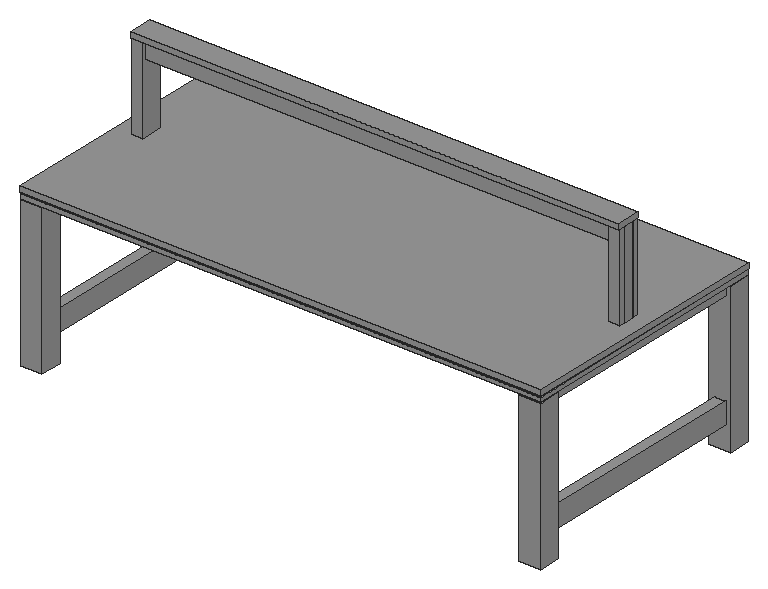
Revit family "GD10 1600-2400  x 742 High Tables with Light Bar", category Furniture, Revit 2019
Family settings
  OmniClass Number = 23.40.20.00
  OmniClass Title = General Furniture and Specialties
  Work Plane-Based = No
  Always vertical = Yes
  Cut with Voids When Loaded = No
  Shared = No
  Room Calculation Point = No
Parameters (values of type "2400 x 1200 x 742")
  Width = 2400 mm
  URL = "www.gof.co.uk"
  Table Top = Gresham - SOLID OAK
  Range = "GD10"
  Rails Control [instance] = if(Depth < 1200 mm, 300 mm, (if(Depth > 900 mm, 340 mm, Depth)))  # 340 mm
  Product Code = "GD10B5L"
  Manufacturer = "Gresham Office Furniture"  # constant formula
  Height = 742 mm
  Frame = Gresham - SOLID OAK
  Depth = 1200 mm
  Cross Rails Control [instance] = if(Width < 1999 mm, 575 mm, (if(Width = 2000 mm, 775 mm, (if(Width = 2200 mm, 1175 mm, (if(Width = 2400 mm, 1575 mm, 1575 mm)))))))  # 1575 mm
  Central Cross Rail = yes
  Assembly Code = "E2020200"
  1100 High Bottom Rail = no
Types (11, lengths in mm): name | Width | Rails Control | Product Code | Depth | Cross Rails Control | Central Cross Rail
  (no name) | 2400 | 340 | "GD10B5L" | 1200 | 1575 | yes
  1600 x 900 x 742 | 1600 | 300 | "GD10A1L" | 900 | 575 | no
  1800 x 900 x 742 | 1800 | 300 | "GD10A2L" | 900 | 575 | no
  2000 x 900 x 742 | 2000 | 300 | "GD10A3L" | 900 | 775 | no
  2200 x 900 x 742 | 2200 | 300 | "GD10A4L" | 900 | 1175 | yes
  2400 x 900 x 742 | 2400 | 300 | "GD10A5L" | 900 | 1575 | yes
  1600 x 1200 x 742 | 1600 | 340 | "GD10B1L" | 1200 | 575 | no
  1800 x 1200 x 742 | 1800 | 340 | "GD10B2L" | 1200 | 575 | no
  2000 x 1200 x 742 | 2000 | 340 | "GD10B3L" | 1200 | 775 | no
  2200 x 1200 x 742 | 2200 | 340 | "GD10B4L" | 1200 | 1175 | yes
  2400 x 1200 x 742 | 2400 | 340 | "GD10B5L" | 1200 | 1575 | yes
Reference planes
  plane 1 "Center (Front/Back)": y = 0
  plane 2: z = 0
  plane 3 "Center (Left/Right)": x = 0
  plane 4: x = 1200
  plane 5: x = -1200
  plane 6: y = 600
  plane 7: y = -600
  plane 8 "Table Underside": z = 717
  plane 9 "Height": z = 742
Forms (mm)
  Extrusion 1, solid, material "Gresham - SOLID OAK" <- "Table Top"
    sketch origin (0, 0, 717) x (-1, 0, 0) y (0, -1, 0)
      loop
        line (-1200, -600) -> (1200, -600) -> (1200, 600) -> (-1200, 600) -> (-1200, -600)
    from 0 to 25
  Extrusion 2, solid, material "Gresham - SOLID OAK" <- "Frame"
    sketch origin (-377.446, 134.939, -0.834) x (0, 1, 0) y (0, 0, 1)
      loop
        line (75.061, 717.834) -> (75.061, 642.834) -> (125.061, 642.834) -> (125.061, 717.834) -> (75.061, 717.834)
    from -747.554 to 1502.446
  Extrusion 3, solid, material "Gresham - SOLID OAK" <- "Frame"
    sketch origin (-377.446, -134.939, -0.834) x (0, -1, 0) y (0, 0, -1)
      loop
        line (75.061, -717.834) -> (125.061, -717.834) -> (125.061, -642.834) -> (75.061, -642.834) -> (75.061, -717.834)
    from -747.554 to 1502.446
  Extrusion 4, solid, material "Gresham - SOLID OAK" <- "Frame"
    sketch origin (940, -36.847, 0) x (1, 0, 0) y (0, 1, 0)
      loop
        line (-1752.5, 611.847) -> (-1752.5, -538.153) -> (-1727.5, -538.153) -> (-1727.5, 611.847) -> (-1752.5, 611.847)
    from 692 to 717
  Extrusion 5, solid, material "Gresham - SOLID OAK" <- "Frame"
    sketch origin (711.072, -1.847, 0) x (1, 0, 0) y (0, 1, 0)
      loop
        line (76.428, 576.847) -> (76.428, -573.153) -> (101.428, -573.153) -> (101.428, 576.847) -> (76.428, 576.847)
    from 692 to 717
  Extrusion 6, solid, material "Gresham - SOLID OAK" <- "Frame", visible <- "Central Cross Rail"
    sketch origin (1740, -36.847, 0) x (1, 0, 0) y (0, 1, 0)
      loop
        line (-1752.5, 611.847) -> (-1752.5, -538.153) -> (-1727.5, -538.153) -> (-1727.5, 611.847) -> (-1752.5, 611.847)
    from 692 to 717
  Extrusion 7, solid, material "Gresham - SOLID OAK" <- "Frame"
    sketch origin (0, 0, 0) x (1, 0, 0) y (0, 1, 0)
      loop
        line (1200, 600) -> (-1200, 600) -> (-1200, -600) -> (1200, -600) -> (1200, 600)
      loop
        line (1175, 575) -> (-1175, 575) -> (-1175, -575) -> (1175, -575) -> (1175, 575)
    from 692 to 712
  Extrusion 8, solid, material "Gresham - SOLID OAK" <- "Frame"
    sketch origin (0, 0, 0) x (1, 0, 0) y (0, 1, 0)
      loop
        line (1195, -595) -> (1195, 595) -> (-1195, 595) -> (-1195, -595) -> (1195, -595)
      loop
        line (1175, 575) -> (-1175, 575) -> (-1175, -575) -> (1175, -575) -> (1175, 575)
    from 692 to 717
  Extrusion 9, solid, material "Gresham - SOLID OAK" <- "Frame", visible <- "1100 High Bottom Rail"
    sketch origin (-377.446, -9.939, -0.834) x (0, -1, 0) y (0, 0, -1)
      loop
        line (-34.939, -205.834) -> (15.061, -205.834) -> (15.061, -105.834) -> (-34.939, -105.834) -> (-34.939, -205.834)
    from -747.554 to 1502.446
Dimensions and locks
  equal spacing: plane 5, plane 3 "Center (Left/Right)", plane 4
  "Width": plane 5 to plane 4
  equal spacing: plane 7, plane 1 "Center (Front/Back)", plane 6
  "Depth": plane 7 to plane 6
  "Height": plane 9 "Height" to level
  locked: Extrusion 2 to plane 4 at 75
  locked: plane 5 to Extrusion 2 at 75
  locked: Extrusion 2 to Extrusion 2 at 50
  locked: Extrusion 2 to Extrusion 1 at 75
  locked: Extrusion 3 to Extrusion 3 at 50
  locked: Extrusion 3 to Extrusion 1 at 75
  "Rails Control": Extrusion 2 to plane 6
  "Rails Control": Extrusion 3 to plane 7
  plane 1 "Center (Front/Back)" to Extrusion 2 = 210 mm
  Extrusion 3 to plane 1 "Center (Front/Back)" = 210 mm
  locked: Extrusion 4 to Extrusion 4 at 25  (x2)
  locked: Extrusion 5 to Extrusion 5 at 25  (x2)
  equal spacing: Extrusion 4, plane 3 "Center (Left/Right)", Extrusion 5
  locked: Extrusion 5 to plane 6 at 25
  locked: Extrusion 5 to plane 7 at 25
  "Cross Rails Control": Extrusion 4 to Extrusion 5
  locked: Extrusion 6 to Extrusion 6 at 25  (x2)
  nested 2 to Extrusion 7 = 5 mm
  plane 8 "Table Underside" to Extrusion 7 = 5 mm
  Extrusion 8 to plane 4 = 5 mm
  Extrusion 8 to Extrusion 8 = 20 mm  (x3)
  plane 7 to Extrusion 8 = 5 mm
  plane 5 to Extrusion 8 = 5 mm
  locked: plane 8 "Table Underside" to Extrusion 7 at 5
  locked: plane 9 "Height" to plane 8 "Table Underside" at 25
  locked: Extrusion 7 to Extrusion 7 at 20
  Extrusion 8 to nested 2 = 30 mm
  locked: Extrusion 8 to Extrusion 8 at 25
  locked: Extrusion 9 to Extrusion 9 at 50
  locked: Extrusion 9 to level at 105
  aligned and locked: level to plane 2
  aligned and locked: Extrusion 1 to plane 9 "Height"
  aligned and locked: plane 8 "Table Underside" to Extrusion 1
  aligned and locked: Extrusion 3 to Extrusion 2
  aligned and locked: Extrusion 2 to Extrusion 3
  aligned and locked: Extrusion 4 to Extrusion 1
  aligned and locked: Extrusion 5 to Extrusion 4
  aligned and locked: Extrusion 4 to Extrusion 5
  aligned and locked: nested 2 to plane 8 "Table Underside"  (x2)
  aligned and locked: plane 8 "Table Underside" to Extrusion 8
  aligned and locked: plane 8 "Table Underside" to Extrusion 5
  aligned and locked: Extrusion 2 to Extrusion 9
  aligned and locked: Extrusion 9 to Extrusion 2
  aligned and locked: plane 8 "Table Underside" to Extrusion 6
  aligned and locked: plane 8 "Table Underside" to nested 1
Automatic sketch dimensions
  Extrusion 1 sketch curve to plane 4 = 0 mm
  Extrusion 1 sketch curve to plane 5 = 0 mm
  plane 6 to Extrusion 1 sketch curve = 0 mm
  Extrusion 1 sketch curve to plane 7 = 0 mm
  Extrusion 2 sketch curve to plane 8 "Table Underside" = 0 mm
  Extrusion 2 sketch curve to plane 1 "Center (Front/Back)" = 210 mm
  Extrusion 2 sketch curve to Extrusion 2 sketch curve = 50 mm
  Extrusion 2 sketch curve to Extrusion 2 sketch curve = 75 mm
  Extrusion 3 sketch curve to plane 8 "Table Underside" = 0 mm
  plane 1 "Center (Front/Back)" to Extrusion 3 sketch curve = 210 mm
  Extrusion 3 sketch curve to Extrusion 3 sketch curve = 50 mm
  Extrusion 3 sketch curve to Extrusion 3 sketch curve = 75 mm
  plane 7 to Extrusion 4 sketch curve = 25 mm
  Extrusion 4 sketch curve to plane 3 "Center (Left/Right)" = 812.5 mm
  Extrusion 4 sketch curve to Extrusion 4 sketch curve = 25 mm
  plane 6 to Extrusion 4 sketch curve = 25 mm
  plane 7 to Extrusion 5 sketch curve = 25 mm
  plane 3 "Center (Left/Right)" to Extrusion 5 sketch curve = 787.5 mm
  Extrusion 5 sketch curve to Extrusion 5 sketch curve = 25 mm
  plane 6 to Extrusion 5 sketch curve = 25 mm
  Extrusion 6 sketch curve to plane 3 "Center (Left/Right)" = 12.5 mm
  plane 3 "Center (Left/Right)" to Extrusion 6 sketch curve = 12.5 mm
  plane 7 to Extrusion 6 sketch curve = 25 mm
  plane 6 to Extrusion 6 sketch curve = 25 mm
  Extrusion 7 sketch curve to plane 5 = 0 mm
  Extrusion 7 sketch curve to plane 4 = 0 mm
  Extrusion 7 sketch curve to plane 7 = 0 mm
  plane 6 to Extrusion 7 sketch curve = 0 mm
  plane 5 to Extrusion 7 sketch curve = 25 mm
  Extrusion 7 sketch curve to plane 4 = 25 mm
  plane 7 to Extrusion 7 sketch curve = 25 mm
  plane 6 to Extrusion 7 sketch curve = 25 mm
  plane 5 to Extrusion 8 sketch curve = 5 mm
  plane 5 to Extrusion 8 sketch curve = 25 mm
  Extrusion 8 sketch curve to plane 4 = 25 mm
  Extrusion 8 sketch curve to plane 4 = 5 mm
  plane 7 to Extrusion 8 sketch curve = 5 mm
  plane 7 to Extrusion 8 sketch curve = 25 mm
  plane 6 to Extrusion 8 sketch curve = 25 mm
  plane 6 to Extrusion 8 sketch curve = 5 mm
  Extrusion 9 sketch curve to plane 8 "Table Underside" = 512 mm
  Extrusion 9 sketch curve to plane 1 "Center (Front/Back)" = 25 mm
  plane 1 "Center (Front/Back)" to Extrusion 9 sketch curve = 25 mm
  Extrusion 9 sketch curve to Extrusion 9 sketch curve = 100 mm
Nested families
  nested 1: "GD10 Legs" at (0, 0, 0), type "GD10 Legs"
    with Width 2400 mm, Height 742 mm, Depth 1200 mm
  nested 2: "GD10 Legs" at (0, 0, 0) x (-1, 0, 0) z (0, 0, 1), type "GD10 Legs"
    with Width 2400 mm, Height 742 mm, Depth 1200 mm
  nested 3: "GD10 1600-2400 Light" at (0, 0, 0), type "GD10-LIGHT"
Definition of nested family "GD10 Legs"
  Parameters (values of type "GD10 Legs")
    Width = 1600 mm
    URL = "www.gof.co.uk"
    Table Top = none
    Range = "GD10"
    Product Code = ""
    Metal Plate = none
    Manufacturer = "Gresham Office Furniture"  # constant formula
    Height = 1000 mm
    Frame = none
    Depth = 900 mm
    Assembly Code = "E2020200"
  Reference planes
    plane 1 "Center (Front/Back)": y = 0
    plane 2: z = 0
    plane 3 "Center (Left/Right)": x = 0
    plane 4: x = 800
    plane 5: x = -800
    plane 6: y = 450
    plane 7: y = -450
    plane 8 "Table Underside": z = 975
    plane 9 "Height": z = 1000
    plane 10: z = 945
  Forms (mm)
    Extrusion 1, solid, material <- "Frame"
      sketch origin (0, -5, 0) x (1, 0, 0) y (0, 1, 0)
        loop
          line (800, 455) -> (700, 455) -> (700, 355) -> (800, 355) -> (800, 455)
      from 0 to 945
    Extrusion 2, solid, material <- "Frame"
      sketch origin (0, -2.338, 945) x (1, 0, 0) y (0, 1, 0)
        loop
          line (700, 352.338) -> (795, 352.338) -> (795, 447.338) -> (700, 447.338) -> (700, 352.338)
      from 0 to 5
    Extrusion 3, solid, material <- "Frame"
      sketch origin (0, -2.338, 950) x (1, 0, 0) y (0, 1, 0)
        loop
          line (700, 352.338) -> (775, 352.338) -> (775, 427.338) -> (700, 427.338) -> (700, 352.338)
      from 0 to 19
    Extrusion 4, solid, material <- "Frame"
      sketch origin (0, 5, 0) x (1, 0, 0) y (0, 1, 0)
        loop
          line (800, -455) -> (800, -355) -> (700, -355) -> (700, -455) -> (800, -455)
      from 0 to 945
    Extrusion 5, solid, material <- "Frame"
      sketch origin (0, 2.338, 945) x (1, 0, 0) y (0, 1, 0)
        loop
          line (700, -352.338) -> (700, -447.338) -> (795, -447.338) -> (795, -352.338) -> (700, -352.338)
      from 0 to 5
    Extrusion 6, solid, material <- "Frame"
      sketch origin (0, 2.338, 950) x (1, 0, 0) y (0, 1, 0)
        loop
          line (700, -352.338) -> (700, -427.338) -> (775, -427.338) -> (775, -352.338) -> (700, -352.338)
      from 0 to 19
    Extrusion 7, solid, material <- "Metal Plate"
      sketch origin (-45, 2.338, 969) x (1, 0, 0) y (0, 1, 0)
        loop
          line (700, -307.182) -> (700, -427.338) -> (820, -427.338) -> (820, -307.182) -> (700, -307.182)
      from 0 to 6
    Extrusion 8, solid, material <- "Frame"
      sketch origin (825, 350, 105) x (0, 0, 1) y (0, -1, 0)
        loop
          line (0, 0) -> (100, 0) -> (100, 700) -> (0, 700) -> (0, 0)
        loop
          line (795, 0) -> (864, 0) -> (864, 45.156) -> (870, 45.156) -> (870, 654.844) -> (864, 654.844) -> (864, 700) -> (795, 700) -> (795, 0)
      from -100 to -50
    Extrusion 9, solid, material <- "Metal Plate"
      sketch origin (0, 0, 0) x (1, 0, 0) y (0, 1, 0)
        loop
          line (775, 425) -> (655, 425) -> (655, 304.844) -> (775, 304.844) -> (775, 425)
      from 969 to 975
  Cuts and joins
    joined: Extrusion 1, Extrusion 2
  Dimensions and locks
    equal spacing: plane 5, plane 3 "Center (Left/Right)", plane 4
    "Width": plane 5 to plane 4
    equal spacing: plane 7, plane 1 "Center (Front/Back)", plane 6
    "Depth": plane 7 to plane 6
    "Height": plane 9 "Height" to level
    cut or joined group of Extrusion 1, Extrusion 2 to cut or joined group of Extrusion 1, Extrusion 2 = 100 mm  (x2)
    Extrusion 4 to Extrusion 4 = 100 mm  (x2)
    plane 9 "Height" to plane 8 "Table Underside" to plane 10 = 25 mm locked, 30 mm locked
    locked: Extrusion 8 to plane 4 at 25
    locked: Extrusion 8 to Extrusion 8 at 50
    locked: Extrusion 9 to Extrusion 9 at 6
    locked: Extrusion 7 to Extrusion 7 at 6
    locked: Extrusion 8 to level at 105
    aligned and locked: level to plane 2
    aligned and locked: plane 8 "Table Underside" to Extrusion 8
    aligned and locked: cut or joined group of Extrusion 1, Extrusion 2 to Extrusion 4
    aligned and locked: Extrusion 4 to plane 10
    aligned and locked: Extrusion 9 to Extrusion 3
  Automatic sketch dimensions
    plane 6 to Extrusion 1 sketch curve = 0 mm
    Extrusion 1 sketch curve to plane 4 = 0 mm
    Extrusion 1 sketch curve to plane 4 = 100 mm
    Extrusion 1 sketch curve to Extrusion 1 sketch curve = 100 mm
    Extrusion 2 sketch curve to Extrusion 1 = 0 mm
    Extrusion 1 to Extrusion 2 sketch curve = 0 mm
    Extrusion 2 sketch curve to Extrusion 1 = 5 mm  (x2)
    Extrusion 3 sketch curve to Extrusion 2 = 0 mm
    Extrusion 2 to Extrusion 3 sketch curve = 0 mm
    Extrusion 3 sketch curve to Extrusion 2 = 20 mm  (x2)
    Extrusion 4 sketch curve to plane 7 = 0 mm
    Extrusion 4 sketch curve to plane 4 = 0 mm
    plane 4 to Extrusion 4 sketch curve = 100 mm
    Extrusion 4 sketch curve to Extrusion 4 sketch curve = 100 mm
    Extrusion 5 sketch curve to Extrusion 4 = 0 mm  (x2)
    Extrusion 4 to Extrusion 5 sketch curve = 5 mm  (x2)
    Extrusion 6 sketch curve to Extrusion 5 = 0 mm  (x2)
    Extrusion 5 to Extrusion 6 sketch curve = 20 mm  (x2)
    Extrusion 8 sketch curve to plane 8 "Table Underside" = 0 mm
    Extrusion 8 sketch curve to plane 8 "Table Underside" = 6 mm  (x2)
    plane 10 to Extrusion 8 sketch curve = 45 mm
    plane 6 to Extrusion 8 sketch curve = 100 mm  (x2)
    level to Extrusion 8 sketch curve = 205 mm
    Extrusion 8 sketch curve to Extrusion 8 sketch curve = 100 mm
    Extrusion 8 sketch curve to Extrusion 8 sketch curve = 45.156 mm  (x2)
    plane 7 to Extrusion 8 sketch curve = 145.156 mm
    plane 7 to Extrusion 8 sketch curve = 100 mm
    Extrusion 7 sketch curve to Extrusion 6 = 0 mm  (x2)
    Extrusion 7 sketch curve to Extrusion 6 = 45 mm
    Extrusion 7 sketch curve to Extrusion 6 = 45.156 mm
    plane 6 to Extrusion 9 sketch curve = 25 mm
    Extrusion 9 sketch curve to plane 4 = 145 mm
    Extrusion 9 sketch curve to plane 4 = 25 mm
    Extrusion 9 sketch curve to Extrusion 9 sketch curve = 120.156 mm
Definition of nested family "GD10 1600-2400 Light"
  Parameters (values of type "2400")
    Width = 2400 mm
    URL = "www.gof.co.uk"
    Range = "GD10"
    Product Code = "GD10A5L"
    Manufacturer = "Gresham Office Furniture"  # constant formula
    Light = none
    Height = 742 mm
    Frame = none
    Depth = 900 mm
    Assembly Code = "E2020200"
  Types (6, lengths in mm): name | Width | Product Code
    (no name) | 2400 | "GD10A5L"
    2000 | 2000 | "GD10A3L"
    2400 | 2400 | "GD10A5L"
    1600 | 1600 | "GD10A1L"
    1800 | 1800 | "GD10A2L"
    2200 | 2200 | "GD10A4L"
  Reference planes
    plane 1 "Center (Front/Back)": y = 0
    plane 2: z = 0
    plane 3 "Center (Left/Right)": x = 0
    plane 4: x = 1200
    plane 5: x = -1200
    plane 6: y = 450
    plane 7: y = -450
    plane 8 "Table Underside": z = 717
    plane 9 "Height": z = 742
    plane 10 "Shelf Height": z = 1167
    plane 11: z = 1142
  Forms (mm)
    Extrusion 1, solid, material <- "Frame"
      sketch origin (1921.939, -1524, 742) x (0, -1, 0) y (-1, 0, 0)
        loop
          line (-1474, 3046.939) -> (-1500.992, 3046.939) -> (-1500.992, 3048.248)
          arc (-1500.992, 3048.248) -> (-1501.388, 3049.305) -> (-1502.382, 3049.841) r 1.607
          line (-1502.382, 3049.841) -> (-1545.618, 3049.841)
          arc (-1545.618, 3049.841) -> (-1546.612, 3049.305) -> (-1547.008, 3048.248) r 1.607
          line (-1547.008, 3048.248) -> (-1547.008, 3046.939) -> (-1574, 3046.939) -> (-1574, 2996.939) -> (-1474, 2996.939) -> (-1474, 3046.939)
      from 0 to -400
    Extrusion 2, solid, material <- "Frame"
      sketch origin (0, 0, 0) x (0, 1, 0) y (0, 0, 1)
        loop
          line (55, 1167) -> (-55, 1167) -> (-55, 1142) -> (55, 1142) -> (55, 1167)
      from -1127.902 to 1127.902
    Extrusion 3, solid, material <- "Frame"
      sketch origin (0, 0, -115) x (0, 1, 0) y (0, 0, 1)
        loop
          line (-37.5, 1257) -> (-37.5, 1182) -> (-27.5, 1182) -> (-27.5, 1207) -> (27.5, 1207) -> (27.5, 1182) -> (37.5, 1182) -> (37.5, 1257) -> (-37.5, 1257)
      from -1075 to 1075
    Extrusion 4, solid, material <- "Light"
      sketch origin (0, 0, 0) x (0, 1, 0) y (0, 0, 1)
        loop
          line (27.5, 1070) -> (27.5, 1075) -> (-27.5, 1075) -> (-27.5, 1070) -> (27.5, 1070)
      from -1075 to 1075
    Extrusion 5, solid, material <- "Frame"
      sketch origin (-1921.939, -1524, 742) x (0, 1, 0) y (1, 0, 0)
        loop
          line (1474, 3046.939) -> (1474, 2996.939) -> (1574, 2996.939) -> (1574, 3046.939) -> (1547.008, 3046.939) -> (1547.008, 3048.248)
          arc (1547.008, 3048.248) -> (1546.612, 3049.305) -> (1545.618, 3049.841) r 1.607
          line (1545.618, 3049.841) -> (1502.382, 3049.841)
          arc (1502.382, 3049.841) -> (1501.388, 3049.305) -> (1500.992, 3048.248) r 1.607
          line (1500.992, 3048.248) -> (1500.992, 3046.939) -> (1474, 3046.939)
      from 0 to -400
  Dimensions and locks
    equal spacing: plane 5, plane 3 "Center (Left/Right)", plane 4
    "Width": plane 5 to plane 4
    equal spacing: plane 7, plane 1 "Center (Front/Back)", plane 6
    plane 7 to plane 6 = 900 mm
    "Height": plane 9 "Height" to level
    locked: plane 9 "Height" to plane 8 "Table Underside" at 25
    plane 10 "Shelf Height" to plane 9 "Height" = 425 mm
    locked: Extrusion 3 to Extrusion 3 at 10  (x2)
    locked: Extrusion 3 to Extrusion 3 at 25
    locked: Extrusion 3 to Extrusion 3 at 75  (x2)
    locked: Extrusion 3 to Extrusion 3 at 50
    Extrusion 1 sketch curve to Extrusion 1 sketch curve = 100 mm  (x2)
    locked: Extrusion 4 to Extrusion 4 at 5
    locked: Extrusion 2 to plane 4 at 72.098
    locked: plane 5 to Extrusion 2 at 72.098
    locked: Extrusion 1 to Extrusion 1 at 50
    Extrusion 5 sketch curve to Extrusion 5 sketch curve = 100 mm  (x2)
    locked: Extrusion 5 to Extrusion 5 at 50
    locked: Extrusion 3 to plane 4 at 125
    locked: plane 5 to Extrusion 4 at 125
    aligned and locked: level to plane 2
    aligned and locked: Extrusion 3 to Extrusion 1
    aligned and locked: Extrusion 3 to Extrusion 4
  Automatic sketch dimensions
    Extrusion 1 sketch curve to plane 1 "Center (Front/Back)" = 50 mm
    Extrusion 1 sketch curve to plane 1 "Center (Front/Back)" = 23.008 mm
    Extrusion 1 sketch curve to Extrusion 1 sketch curve = 1.39 mm
    Extrusion 1 sketch curve to Extrusion 1 sketch curve = 0.218 mm  (x2)
    plane 1 "Center (Front/Back)" to Extrusion 1 sketch curve = 21.4 mm
    Extrusion 1 sketch curve to Extrusion 1 sketch curve = 1.607 mm
    plane 5 to Extrusion 1 sketch curve = 72.098 mm
    Extrusion 1 sketch curve to Extrusion 1 sketch curve = 1.309 mm  (x2)
    Extrusion 1 sketch curve to Extrusion 1 sketch curve = 50 mm
    Extrusion 2 sketch curve to plane 10 "Shelf Height" = 0 mm
    plane 1 "Center (Front/Back)" to Extrusion 2 sketch curve = 55 mm
    Extrusion 2 sketch curve to plane 11 = 0 mm
    Extrusion 2 sketch curve to plane 1 "Center (Front/Back)" = 55 mm
    plane 1 "Center (Front/Back)" to Extrusion 3 sketch curve = 37.5 mm
    Extrusion 3 sketch curve to Extrusion 3 sketch curve = 10 mm
    Extrusion 3 sketch curve to plane 1 "Center (Front/Back)" = 27.5 mm
    Extrusion 3 sketch curve to plane 11 = 0 mm
    Extrusion 3 sketch curve to plane 1 "Center (Front/Back)" = 37.5 mm
    plane 11 to Extrusion 3 sketch curve = 50 mm
    Extrusion 3 sketch curve to Extrusion 3 sketch curve = 25 mm  (x2)
    plane 1 "Center (Front/Back)" to Extrusion 4 sketch curve = 27.5 mm
    Extrusion 4 sketch curve to plane 1 "Center (Front/Back)" = 27.5 mm
    plane 11 to Extrusion 4 sketch curve = 72 mm
    Extrusion 4 sketch curve to Extrusion 4 sketch curve = 5 mm
    plane 1 "Center (Front/Back)" to Extrusion 5 sketch curve = 50 mm
    plane 1 "Center (Front/Back)" to Extrusion 5 sketch curve = 23.008 mm
    Extrusion 5 sketch curve to Extrusion 5 sketch curve = 1.39 mm
    Extrusion 5 sketch curve to Extrusion 5 sketch curve = 0.218 mm  (x2)
    Extrusion 5 sketch curve to plane 1 "Center (Front/Back)" = 21.4 mm
    Extrusion 5 sketch curve to Extrusion 5 sketch curve = 1.607 mm
    Extrusion 5 sketch curve to plane 4 = 72.098 mm
    Extrusion 5 sketch curve to Extrusion 5 sketch curve = 1.309 mm  (x2)
    Extrusion 5 sketch curve to Extrusion 5 sketch curve = 50 mm
